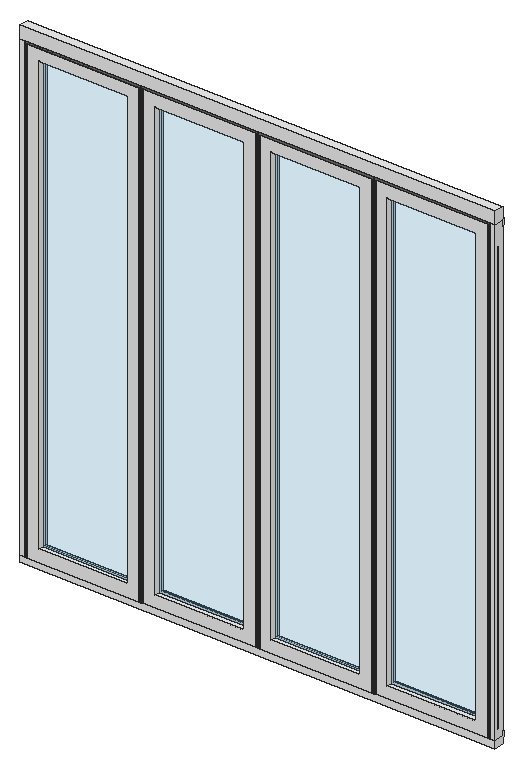
Revit family "98135", category Windows, host Wall, Revit 2018
Family settings
  Host = Wall
  OmniClass Number = 23.30.20.00
  OmniClass Title = Windows
  Always vertical = Yes
  Cut with Voids When Loaded = No
  Shared = No
  Room Calculation Point = No
Parameters (values of type "Standard")
  Y N Override Stack [instance] = no
  Y N Override Number of Panels [instance] = no
  Warranty URL = "http://www.nanawall.com/support/warranty"
  URL = "http://www.nanawall.com/"
  U Value = 0.27
  Thickness = 2 87/256"
  Subcategory = "Folding Window"  # constant formula
  Stack Thickness [instance] = 2 43/128" * Panels  # 9 11/32"
  Split Stack Right [instance] = 4
  Split Stack [instance] = no
  Single Right Stack [instance] = if(and(Y N Override Stack, Left Stack), 1 = 0, if(Right Standard = 1, 1 = 1, if(and(C Split Stack, Split Stack Right = 1), 1 = 1, 1 = 0)))  # no
  Single Panel [instance] = if(and(Closed, Width < 39 1/16"), 1 = 1, if(Width > 39", 1 = 0, 1 = 0))  # no
  Single Left Stack [instance] = if(and(not(Y N Override Stack), (Left Standard = 1)), 1 = 1, if(and(Y N Override Stack, Left Stack, (Panels = 1)), 1 = 1, (if(and(C Split Stack, Split Stack Right = Panels - 1), 1 = 1, 1 = 0))))  # no
  Sills Available = "Raised, Low Profile Saddle, Flush"  # constant formula
  Sash = Metal - NanaWall - Aluminum
  Rough Width = Width - (2 * (1 3/16"))  # 107 5/8"
  Rough Height = Height - 2 97/128"  # 107 31/128"
  Right Standard [instance] = roundup(Panels / 2)  # 2
  Right Stack Width [instance] = RS C * Thickness  # 4 87/128"
  Right Stack [instance] = no
  RS C [instance] = if(RS = 1, 2, if(RS = 0, 2, if(C Split Stack, Split Stack Right, RS)))  # 2
  RS [instance] = if(Not Override Stack, Right Standard, if(C Right Stack, Panels, if(C Left Stack, 2, if(C Split Stack, Split Stack Right, 2))))  # 2
  Product Page URL = "http://www.nanawall.com/products/sl60"
  Performance URL = "http://www.nanawall.com/products/sl60/testingresult"
  Panels [instance] = if(Y N Override Number of Panels, Override Number of Panels, Panel Constraint)  # 4
  Panel Width [instance] = Opening Width / Panels  # 26 29/32"
  Panel Height = Height Constraint - (2 97/128")  # 107 31/128"
  Panel Constraint [instance] = if(Width < 55", 2, if(Width < 82", 2, if(Width < 110", 3, if(Width < 137", 4, if(Width < 166", 5, if(Width < 192", 6, if(Width < 220", 7, if(Width < 247", 8, if(Width < 274", 10, if(Width < 396", 11, if(Width < 432", 12, if(Width < 468", 13, if(Width < 504", 14, if(Width < 540", 15, if(Width < 576", 16, if(Width < 612", 17, if(Width < 648", 18, if(Width < 684", 19, if(Width < 720", 20, 21)))))))))))))))))))  # 4
  Override Number of Panels [instance] = 4
  Opening Width = Width - (1 3/16" * 2)  # 107 5/8"
  Open Right Single [instance] = if(and(Open, Single Right Stack), 1 = 1, 1 = 0)  # no
  Open Right Multi [instance] = if(and(Open, Multiple Right Stack), 1 = 1, 1 = 0)  # no
  Open Left Single [instance] = if(and(Open, Single Left Stack), 1 = 1, 1 = 0)  # no
  Open Left Multi [instance] = if(and(Open, Multiple Left Stack), 1 = 1, 1 = 0)  # no
  Open [instance] = no
  Not Override Stack [instance] = not(Y N Override Stack)  # yes
  NanaWall Configurator = "http://www.nanawall.com/products/sl60/options"
  Multiple Right Stack [instance] = if(Width < 39 1/16", 1 = 0, if(and(Right Standard < 1.5, Not Override Stack), 1 = 0, if(and(Right Standard > 1, Not Override Stack), 1 = 1, (if(and(C Split Stack, Split Stack Right > 1), 1 = 1, if(C Right Stack, 1 = 1, 1 = 0))))))  # yes
  Multiple Panel [instance] = if(and(Open, Width > 39 1/16"), 1 = 0, if(and(Closed, Width > 39 1/16"), 1 = 1, if(Width < 39", 1 = 0, 1 = 1)))  # yes
  Multiple Left Stack [instance] = if(and(Left Standard > 1, Not Override Stack), 1 = 1, (if(and(C Split Stack, Split Stack Right < Panels - 1), 1 = 1, if(C Left Stack, 1 = 1, 1 = 0))))  # yes
  Model = "SL-60"  # constant formula
  Max Panel Height = if(Panel Height > 114", 114", Panel Height)  # 107 31/128"
  Manufacturer Toll Free Phone = "(888) 411-NANA(6262)"  # constant formula
  Manufacturer Phone = "(415) 383-3148"  # constant formula
  Manufacturer Fax = "(415) 383-0312"  # constant formula
  Manufacturer Email = "mailto:info@nanawall.com"
  Manufacturer Address = "100 Meadowcreek Drive #250, Corte Madera, CA 94925"  # constant formula
  Manufacturer = "NanaWall Systems, Inc."  # constant formula
  Left Standard [instance] = rounddown(Panels / 2)  # 2
  Left Stack Width [instance] = LS C * Thickness  # 4 87/128"
  Left Stack [instance] = no
  LS C [instance] = if(LS = 1, 2, if(LS = 0, 2, if(C Split Stack, Panels - Split Stack Right, LS)))  # 2
  LS [instance] = if(Not Override Stack, Left Standard, if(C Left Stack, Panels, if(C Right Stack, 2, if(C Split Stack, Panels - Split Stack Right, 2))))  # 2
  Installation and Service URL = "http://www.nanawall.com/support/installer"
  Height Constraint = if(Height < 39", 39", if(Height > 114", 114", Height))  # 110"
  Height = 110"
  Wall Closure = By host
  Width = 110"
  Half Panel Width [instance] = Panel Width / 2  # 13 29/64"
  Glazing Options = "http://www.nanawall.com/products/sl60/glazing"
  Glass Material = Glass - NanaWall - Generic
  Filler = Rubber - NanaWall - Black
  Exterior Wall Offset = 5"
  Engineering Details URL = "http://www.nanawall.com/products/sl60/cad-3d"
  Disclaimer = "Please note that the Revit model is for schematic purposes only.  To obtain a detailed 3D model, please go to the NanaWall's configurator at www.nanawall.com."  # constant formula
  Description = "Standard Thermally Broken Aluminum Framed Folding system"  # constant formula
  Cost Info = "http://www.nanawall.com/products/sl60/pricing"
  Closed [instance] = not(Open)  # yes
  Clearance On [instance] = no
  C Split Stack [instance] = if(and(Y N Override Stack, Split Stack), 1 = 1, if(Right Stack, 1 = 0, if(Left Stack, 1 = 0, 1 = 0)))  # no
  C Right Stack [instance] = if(and(Y N Override Stack, Right Stack), 1 = 1, if(Left Stack, 1 = 0, if(Split Stack, 1 = 0, 1 = 1)))  # yes
  C Left Stack [instance] = if(and(Y N Override Stack, Left Stack), 1 = 1, if(Right Stack, 1 = 0, if(Split Stack, 1 = 0, 1 = 0)))  # no
  Assembly Code = "B2050.1040"
  95 CSI = "8411"  # constant formula
  04 CSI = "08 41 13"  # constant formula
Reference planes (in)
  plane 1 "Center (Front/Back)": y = 0
  plane 2 "Center (Left/Right)": x = 0
  plane 3 "Left": x = -55
  plane 4 "Right": x = 55
  plane 5 "Top": z = 110
  plane 6: z = 107.24409
  plane 7 "Top Edge Of Sill": z = 1.51563
  plane 8: z = 55
  plane 9: x = -53.8125
  plane 10: x = 53.8125
  plane 11: y = 1.16866
  plane 12: y = -1.16866
  plane 13: x = 48.63527
  plane 14: y = -2
  plane 15: y = -3.16992
  plane 16: x = -53.31496
  plane 17: x = -48.63527
  plane 18: x = 53.31496
Lines and regions (in)
  Opening 1
    outline origin (-83, -3, 0) x (1, 0, 0) y (0, 0, 1)
      loop
        line (28, 0) -> (138, 0) -> (138, 110) -> (28, 110) -> (28, 0)
  symbolic lines, visible <- "Clearance On"
    curve 1: line (53.8125, -0.83008, 0) -> (53.31496, -0.83008, 0)
    curve 2: line (53.8125, -3.16992, 0) -> (53.8125, -0.83008, 0)
    curve 3: line (53.31496, -3.16992, 0) -> (53.8125, -3.16992, 0)
    curve 8: line (-53.31496, -30.07617, 0) -> (-53.31496, -3.16992, 0)
    curve 9: line (53.31496, -30.07617, 0) -> (-53.31496, -30.07617, 0)
    curve 10: line (53.31496, -3.16992, 0) -> (53.31496, -30.07617, 0)
  symbolic lines
    curve 4: line (-53.8125, -0.83008, 0) -> (-55, -0.83008, 0)
    curve 5: line (-53.8125, -3.16992, 0) -> (-53.8125, -0.83008, 0)
    curve 6: line (-55, -3.16992, 0) -> (-53.8125, -3.16992, 0)
    curve 7: line (-55, -0.83008, 0) -> (-55, -3.16992, 0)
    curve 11: line (-55, -0.83008, 0) -> (55, -0.83008, 0)
    curve 12: line (55, -3.16992, 0) -> (-55, -3.16992, 0)
    curve 13: line (55, -0.83008, 0) -> (55, -3.16992, 0)
Text (in)
  text "Exterior" at (-74.96733, 27.31104, 0), in view "Ref. Level"
  text "Interior" at (-74.96733, -33.63716, 0), in view "Ref. Level"
  text "Exterior" at (0, 40.15149, 123.01588), in view "Right"
  text "Interior" at (0, -64.39139, 123.01588), in view "Right"
  text "Interior" at (0, -31.01599, 123.00693), in view "Left"
  text "Exterior" at (0, 54.57065, 123.00693), in view "Left"
Dimensions and locks (in)
  "Height Constraint": level to plane 5 "Top"
  "Width": plane 3 "Left" to plane 4 "Right"
  equal spacing: plane 3 "Left", plane 2 "Center (Left/Right)", plane 4 "Right"
  locked: level to plane 7 "Top Edge Of Sill" at 1.51563
  locked: plane 6 to plane 5 "Top" at 2.75591
  equal spacing: level, plane 8, plane 5 "Top"
  locked: plane 3 "Left" to plane 9 at 1.1875
  locked: plane 10 to plane 4 "Right" at 1.1875
  host wall to host wall = 150"
  locked: plane 1 "Center (Front/Back)" to plane 11 at 1.16866
  locked: plane 12 to plane 11 at 2.33732
  "Right Stack Width": plane 13 to plane 18
  equal spacing: group 1, group 3, group 4, group 2  (x2)
  equal spacing: group 2, group 4, group 3, group 1
  "Exterior Wall Offset": host wall to plane 14
  locked: plane 14 to plane 15 at 1.16992
  host wall to plane 15 = 3.16992"
  locked: plane 3 "Left" to plane 16 at 1.68504
  "Left Stack Width": plane 16 to plane 17
  group 5 to group 6 = 2 87/256"
  group 5 to group 6 = 0"  (x2)
  group 7 to group 8 = 2 11/32"
  group 7 to group 8 = 0"  (x2)
  locked: plane 18 to plane 4 "Right" at 1.68504
  group 10 to group 9 = 2 11/32"
  group 9 to group 10 = 0"  (x2)
  group 12 to group 11 = 2 87/256"
  group 11 to group 12 = 0"  (x2)
  "Panel Width": plane 15 to curve 9
  plane 6 to plane 5 "Top" = 2.75591"
  aligned and locked: plane 3 "Left" to Opening 1 sketch curve
  aligned and locked: plane 5 "Top" to Opening 1 sketch curve  (x2)
  aligned and locked: Opening 1 sketch curve to plane 4 "Right"
  aligned and locked: Opening 1 sketch curve to level
  aligned and locked: plane 2 "Center (Left/Right)" to nested 1
  aligned and locked: plane 6 to nested 3
  aligned and locked: nested 3 to plane 3 "Left"
  aligned and locked: nested 4 to plane 4 "Right"
  aligned and locked: nested 4 to plane 6
  aligned and locked: nested 1 to plane 5 "Top"
  aligned and locked: nested 9 to nested 9
  aligned and locked: level to nested 2
  aligned and locked: level to nested 6
  aligned and locked: level to nested 5
  aligned and locked: plane 4 "Right" to nested 2
  aligned and locked: plane 14 to nested 5
  aligned and locked: nested 5 to plane 9
  aligned and locked: nested 6 to plane 10
  aligned and locked: nested 3 to plane 14
  aligned and locked: plane 14 to nested 4
  aligned and locked: plane 14 to nested 2
  aligned and locked: nested 1 to plane 14
  aligned and locked: plane 14 to nested 6
  aligned and locked: nested 6 to curve 1
  aligned and locked: curve 2 to nested 6
  aligned and locked: curve 4 to nested 5
  aligned and locked: curve 5 to nested 5
  aligned and locked: curve 6 to plane 15
  aligned and locked: plane 3 "Left" to curve 7
  aligned and locked: level to nested 10
  aligned and locked: level to nested 11
  aligned and locked: nested 10 to plane 15
  aligned and locked: plane 16 to nested 10
  aligned and locked: level to nested 12
  aligned and locked: plane 17 to nested 12
  aligned and locked: nested 13 to nested 13
  aligned and locked: nested 12 to plane 15
  aligned and locked: plane 15 to nested 13
  aligned and locked: plane 16 to nested 13
  aligned and locked: nested 14 to nested 14
  aligned and locked: nested 14 to plane 17
  aligned and locked: plane 15 to nested 14
  aligned and locked: nested 9 to plane 18
  aligned and locked: plane 15 to nested 9
  aligned and locked: nested 15 to nested 15
  aligned and locked: plane 15 to nested 15
  aligned and locked: nested 15 to plane 13
  aligned and locked: nested 11 to plane 15
  aligned and locked: plane 18 to nested 11
  aligned and locked: level to nested 16
  aligned and locked: nested 16 to plane 15
  aligned and locked: nested 16 to plane 13
  aligned and locked: nested 17 to plane 9
  aligned and locked: plane 15 to curve 10
  aligned and locked: plane 18 to curve 10
  aligned and locked: curve 8 to plane 16
  aligned and locked: plane 14 to nested 17
  aligned and locked: plane 15 to nested 18
  aligned and locked: plane 16 to nested 18
  aligned and locked: level to nested 19
  aligned and locked: nested 19 to plane 15
  aligned and locked: plane 16 to nested 19
  aligned and locked: plane 15 to curve 12
  aligned and locked: curve 11 to nested 5
  aligned and locked: level to nested 20
  aligned and locked: nested 20 to plane 15
  aligned and locked: plane 18 to nested 20
  aligned and locked: nested 21 to plane 18
  aligned and locked: plane 15 to nested 21
  aligned and locked: nested 17 to plane 6
Automatic sketch dimensions
  curve 11 to plane 4 "Right" = 0"
  curve 1 to plane 18 = 0"
Nested families (in)
  nested 1: "Header_SL-60" at (7.30207, -2, 0), type "Header_SL-60"
  nested 2: "Sill_SL-60" at (-7.30207, -2, -1.51562) x (-1, 0, 0) z (0, 0, 1), type "Sill_SL-60"
  nested 3: "Right-Jamb_SL-60" at (-47.69793, -2, 0.00191), type "Right-Jamb_SL-60"
  nested 4: "Left-Jamb_SL-60" at (47.69793, -2, 0.00191) x (-1, 0, 0) z (0, 0, 1), type "Left-Jamb_SL-60"
  nested 5: "Sash_SL-60_NanaWall" at (-40.34703, 6.13287, 0) x (-1, 0, 0) z (0, 0, 1), visible <- "Multiple Panel", type "Sash_SL-60_NanaWall"
  nested 6: "Sash_SL-60_NanaWall" at (40.37172, 6.13287, 0) x (-1, 0, 0) z (0, 0, 1), visible <- "Multiple Panel", type "Sash_SL-60_NanaWall"
  nested 7: "Sash_SL-60_NanaWall" at (-13.44078, 6.13287, 0) x (-1, 0, 0) z (0, 0, 1), visible <- "Multiple Panel", type "Sash_SL-60_NanaWall"
  nested 8: "Sash_SL-60_NanaWall" at (13.46547, 6.13287, 0) x (-1, 0, 0) z (0, 0, 1), visible <- "Multiple Panel", type "Sash_SL-60_NanaWall"
  nested 9: "DetailItem_Panel" at (52.10172, -14.96288, 0), visible <- "Multiple Right Stack", type "DetailItem_Panel"
  nested 10: "Sash_SL-60_NanaWall" at (-44.01216, -16.63539, 0) x (0, 1, 0) z (0, 0, 1), visible <- "Open Left Multi", type "Sash_SL-60_NanaWall"
  nested 11: "Sash_SL-60_NanaWall" at (60.27791, -16.63539, 0) x (0, 1, 0) z (0, 0, 1), visible <- "Open Right Multi", type "Sash_SL-60_NanaWall"
  nested 12: "Sash_SL-60_NanaWall" at (-41.67232, -16.63539, 0) x (0, 1, 0) z (0, 0, 1), visible <- "Open Left Multi", type "Sash_SL-60_NanaWall"
  nested 13: "DetailItem_Panel" at (-52.19227, -14.96288, 0), visible <- "Multiple Left Stack", type "DetailItem_Panel"
  nested 14: "DetailItem_Panel" at (-49.84852, -14.96288, 0), visible <- "Multiple Left Stack", type "DetailItem_Panel"
  nested 15: "DetailItem_Panel" at (49.75797, -14.96288, 0), visible <- "Multiple Right Stack", type "DetailItem_Panel"
  nested 16: "Sash_SL-60_NanaWall" at (57.93807, -16.63539, 0) x (0, 1, 0) z (0, 0, 1), visible <- "Open Right Multi", type "Sash_SL-60_NanaWall"
  nested 17: "Sash_SL-60_NanaWall" at (0.01235, 6.13287, 0.00191) x (-1, 0, 0) z (0, 0, 1), visible <- "Single Panel", type "Sash_SL-60_NanaWall full"
  nested 18: "DetailItem_Panel" at (-52.19227, -14.96288, 0), visible <- "Single Left Stack", type "DetailItem_Panel"
  nested 19: "Sash_SL-60_NanaWall" at (-44.01216, -16.63539, 0) x (0, 1, 0) z (0, 0, 1), visible <- "Open Left Single", type "Sash_SL-60_NanaWall"
  nested 20: "Sash_SL-60_NanaWall" at (60.27791, -16.63539, 0) x (0, 1, 0) z (0, 0, 1), visible <- "Open Right Single", type "Sash_SL-60_NanaWall"
  nested 21: "DetailItem_Panel" at (52.10172, -14.96288, 0), visible <- "Single Right Stack", type "DetailItem_Panel"
Definition of nested family "Header_SL-60"
  Parameters
    Width = 110"
    Height = 110"
    Header = none
    Half = yes
    Assembly Code = ""
  Reference planes (in)
    plane 1 "Center (Front/Back)": y = 0
    plane 2: z = 0
    plane 3 "Center (Left/Right)": x = -7.30207
    plane 4 "Left": x = -62.30207
    plane 5 "Right": x = 47.69793
    plane 6 "Top": z = 110
  Forms (in)
    Sweep 1, solid, material <- "Header"
      path origin (-67.09578, -180, 110) x (-1, 0, 0) y (0, -1, 0)
        loop
          line (-4.79371, -180) -> (-114.79371, -180)
      profile "Profile_Head_SL-45 : Profile_Head_SL-45" origin (-7.30207, 0, 110) x (0, 1, 0) y (0, 0, 1)
        loop
          line (1.15354, 0) -> (-1.16929, 0) -> (-1.16929, -2.75591) -> (1.15354, -2.75591) -> (1.15354, 0)
    Extrusion 2, solid, material <- "Header"
      sketch origin (-62.30207, 0, 110) x (0, -1, 0) y (0, 0, 1)
        loop
          arc (-1.15354, -2.44094) -> (-1.16507, -2.46878) -> (-1.19291, -2.48031) r 0.03937
          arc (-1.19291, -2.48031) -> (-1.35995, -2.5495) -> (-1.42913, -2.71654) r 0.23622
          line (-1.42913, -2.71654) -> (-1.42913, -3.74086)
          arc (-1.42913, -3.74086) -> (-1.37753, -3.87372) -> (-1.24978, -3.93693) r 0.19685
          line (-1.24978, -3.93693) -> (-1.15354, -3.93693) -> (-1.15354, -2.44094)
      from -110 to 0
  Dimensions and locks (in)
    equal spacing: plane 4 "Left", plane 3 "Center (Left/Right)", plane 5 "Right"
    "Width": plane 4 "Left" to plane 5 "Right"
    "Height": plane 6 "Top" to level
    aligned and locked: Extrusion 2 sketch curve to Sweep 1
    aligned and locked: plane 5 "Right" to Extrusion 2
    aligned and locked: plane 6 "Top" to nested 1
    aligned and locked: nested 1 to plane 1 "Center (Front/Back)"
  Automatic sketch dimensions
    Extrusion 2 sketch curve to Sweep 1 = 0"
    Sweep 1 to Extrusion 2 sketch curve = 0.03937"
    Sweep 1 to Extrusion 2 sketch curve = 0.07874"
    Extrusion 2 sketch curve to Extrusion 2 sketch curve = 0.09624"
    Extrusion 2 sketch curve to Sweep 1 = 0.03937"
    Extrusion 2 sketch curve to Extrusion 2 sketch curve = 0.23622"
    Sweep 1 to Extrusion 2 sketch curve = 0.98495"
    Extrusion 2 sketch curve to Extrusion 2 sketch curve = 0"  (x2)
    Sweep 1 sketch curve to plane 1 "Center (Front/Back)" = 0"
    Sweep 1 sketch curve to plane 5 "Right" = 0"
    Sweep 1 sketch curve to plane 4 "Left" = 0"
  Nested families (in)
    nested 1: "Detailitem_Head-SL60" at (-7.30207, 0, 110) x (0, -1, 0) z (1, 0, 0), type "Detailitem_Head-SL60", detail levels fine
  Definition of nested family "Detailitem_Head-SL60"
    Parameters
      SmartBIM Object Version = 1  # constant formula
      SmartBIM Object Created By = "Reed Construction Data"  # constant formula
      Half = yes
      Assembly Code = ""
      95 CSI = ""
      04 CSI = ""
    Reference planes (in)
      plane 1 "Center (Front/Back)": y = 0
      plane 2: z = 0
      plane 3 "Center (Left/Right)": x = 0
    Lines and regions (in)
      model lines, in view "Ref. Level", visible <- "Half"
        curve 1: arc (-0.38279, -2.71387, 0) -> (-0.3937, -2.87402, 0) -> (-0.38279, -3.03417, 0) r 1.1811
        curve 2: arc (-0.38279, -3.03417, 0) -> (-0.37623, -3.04633, 0) -> (-0.36329, -3.05118, 0) r 0.01969
        curve 4: arc (-0.36329, -2.69685, 0) -> (-0.37623, -2.7017, 0) -> (-0.38279, -2.71387, 0) r 0.01969
        curve 5: arc (-0.25591, -3.4252, 0) -> (-0.25014, -3.43912, 0) -> (-0.23622, -3.44488, 0) r 0.01969
        curve 6: arc (-0.23622, -3.09055, 0) -> (-0.25014, -3.09632, 0) -> (-0.25591, -3.11024, 0) r 0.01969
        curve 7: arc (-0.11811, -3.05118, 0) -> (-0.11744, -3.05628, 0) -> (-0.11547, -3.06102, 0) r 0.01969
        curve 8: arc (0.23622, -3.44488, 0) -> (0.25014, -3.43912, 0) -> (0.25591, -3.4252, 0) r 0.01969
        curve 9: arc (0.11547, -3.06102, 0) -> (0.11744, -3.05628, 0) -> (0.11811, -3.05118, 0) r 0.01969
        curve 10: arc (0.25591, -3.11024, 0) -> (0.25014, -3.09632, 0) -> (0.23622, -3.09055, 0) r 0.01969
        curve 35: arc (0.38279, -3.03417, 0) -> (0.3937, -2.87402, 0) -> (0.38279, -2.71387, 0) r 1.1811
        curve 36: arc (0.36329, -3.05118, 0) -> (0.37623, -3.04633, 0) -> (0.38279, -3.03417, 0) r 0.01969
        curve 38: arc (0.38279, -2.71387, 0) -> (0.37623, -2.7017, 0) -> (0.36329, -2.69685, 0) r 0.01969
        curve 40: line (0.36329, -2.69685, 0) -> (-0.36329, -2.69685, 0)
        curve 41: line (-0.36329, -3.05118, 0) -> (0.36329, -3.05118, 0)
        curve 49: line (0.25591, -4.11122, 0) -> (0.25591, -3.11024, 0)
        curve 50: line (-0.25591, -4.11122, 0) -> (-0.25591, -3.11024, 0)
        curve 53: line (0.15748, -2.08661, 0) -> (0.15748, -2.69685, 0)
        curve 54: line (-0.15748, -2.08661, 0) -> (-0.15748, -2.69685, 0)
        curve 55: line (-0.23622, -3.09055, 0) -> (0.23622, -3.09055, 0)
        curve 56: line (-0.23622, -3.44488, 0) -> (0.23622, -3.44488, 0)
        curve 57: line (-0.15748, -3.05118, 0) -> (-0.15748, -3.09055, 0)
        curve 58: line (-0.11547, -3.06102, 0) -> (-0.09843, -3.09055, 0)
        curve 59: line (0.11547, -3.06102, 0) -> (0.09843, -3.09055, 0)
        curve 60: line (0.15748, -3.05118, 0) -> (0.15748, -3.09055, 0)
        curve 90: line (-1.09843, -5.3935, 0) -> (-1.09843, -5.19665, 0)
        curve 91: arc (-0.86136, -5.83448, 0) -> (-0.89727, -5.8262, 0) -> (-0.93408, -5.82461, 0) r 0.20101
        curve 92: arc (-0.98554, -5.98249, 0) -> (-0.93732, -6.0154, 0) -> (-0.88229, -6.03492, 0) r 0.22677
        curve 93: arc (-0.95472, -5.80495, 0) -> (-0.94862, -5.8192, 0) -> (-0.93408, -5.82461, 0) r 0.01969
        curve 94: arc (-1.07359, -5.81844, 0) -> (-1.04891, -5.7903, 0) -> (-1.04001, -5.75394, 0) r 0.07874
        curve 95: arc (-0.95472, -5.59055, 0) -> (-0.96276, -5.56849, 0) -> (-0.98425, -5.55906, 0) r 0.02987
        curve 96: arc (-1.04001, -5.71457, 0) -> (-1.04891, -5.67821, 0) -> (-1.07359, -5.65007, 0) r 0.07874
        curve 97: arc (-1.08577, -5.61333, 0) -> (-1.09146, -5.62897, 0) -> (-1.08315, -5.64338, 0) r 0.01969
        curve 98: arc (-1.08315, -5.82513, 0) -> (-1.09146, -5.83954, 0) -> (-1.08577, -5.85517, 0) r 0.01969
        curve 99: arc (-0.99211, -5.9685, 0) -> (-0.99026, -5.97617, 0) -> (-0.98554, -5.98249, 0) r 0.01969
        curve 100: arc (-0.88229, -6.03492, 0) -> (-0.84927, -6.02705, 0) -> (-0.83465, -5.99642, 0) r 0.03937
        curve 101: arc (-0.83465, -5.87176, 0) -> (-0.84201, -5.84883, 0) -> (-0.86136, -5.83448, 0) r 0.03937
        curve 102: arc (0.12578, -5.86363, 0) -> (0.11104, -5.89194, 0) -> (0.13796, -5.90909, 0) r 0.02362
        curve 103: arc (0.12652, -6.0366, 0) -> (0.11053, -6.06277, 0) -> (0.13386, -6.08268, 0) r 0.02362
        curve 104: arc (0.40177, -5.62205, 0) -> (0.37425, -5.6482, 0) -> (0.39896, -5.67702, 0) r 0.02756
        curve 105: arc (0.12976, -5.6854, 0) -> (0.11033, -5.71072, 0) -> (0.13386, -5.73228, 0) r 0.02362
        curve 106: arc (0.58948, -5.23045, 0) -> (0.59375, -5.209, 0) -> (0.57556, -5.19685, 0) r 0.01969
        curve 107: arc (0.42126, -5.39868, 0) -> (0.37631, -5.40762, 0) -> (0.40177, -5.44572, 0) r 0.02756
        curve 108: arc (0.55588, -5.19685, 0) -> (0.54081, -5.19985, 0) -> (0.52804, -5.20838, 0) r 0.03937
        curve 109: arc (1.07087, -3.66535, 0) -> (1.07317, -3.67092, 0) -> (1.07874, -3.67323, 0) r 0.00787
        curve 110: arc (1.08859, -3.62214, 0) -> (1.07596, -3.62852, 0) -> (1.07087, -3.64173, 0) r 0.01969
        curve 111: arc (0.97084, -3.72074, 0) -> (0.98228, -3.72441, 0) -> (0.99373, -3.72074, 0) r 0.01969
        curve 112: arc (0.88583, -3.67323, 0) -> (0.89139, -3.67092, 0) -> (0.8937, -3.66535, 0) r 0.00787
        curve 113: arc (0.8937, -3.64173, 0) -> (0.88794, -3.62781, 0) -> (0.87402, -3.62205, 0) r 0.01969
        curve 114: arc (1.02056, -3.64828, 0) -> (0.98228, -3.61811, 0) -> (0.944, -3.64828, 0) r 0.03937
        curve 115: arc (0.94795, -3.75277, 0) -> (0.98228, -3.76378, 0) -> (1.01662, -3.75277, 0) r 0.05906
        curve 116: arc (1.05391, -3.18329, 0) -> (1.02357, -3.15897, 0) -> (0.98527, -3.16564, 0) r 0.04724
        curve 117: arc (1.08198, -3.169, 0) -> (1.03141, -3.12846, 0) -> (0.96757, -3.13959, 0) r 0.07874
        curve 118: arc (1.12016, -3.25362, 0) -> (1.10207, -3.21086, 0) -> (1.08198, -3.169, 0) r 0.98425
        curve 119: arc (1.09087, -3.2652, 0) -> (1.07336, -3.22381, 0) -> (1.05391, -3.18329, 0) r 0.95276
        curve 120: arc (1.12016, -3.25362, 0) -> (1.1303, -3.25979, 0) -> (1.139, -3.25171, 0) r 0.00984
        curve 121: arc (0.79229, -3.52069, 0) -> (0.81402, -3.52613, 0) -> (0.82677, -3.50771, 0) r 0.01969
        curve 122: arc (0.71959, -3.42588, 0) -> (0.72218, -3.49377, 0) -> (0.75689, -3.55217, 0) r 0.1378
        curve 123: arc (0.76579, -3.43577, 0) -> (0.76789, -3.48171, 0) -> (0.79229, -3.52069, 0) r 0.09055
        curve 124: arc (0.89164, -3.17052, 0) -> (0.84513, -3.1975, 0) -> (0.82677, -3.24803, 0) r 0.07874
        curve 125: arc (0.89719, -3.20153, 0) -> (0.86928, -3.21771, 0) -> (0.85827, -3.24803, 0) r 0.04724
        curve 126: arc (0.89164, -3.17052, 0) -> (0.93123, -3.15905, 0) -> (0.96757, -3.13959, 0) r 0.19685
        curve 127: arc (0.89719, -3.20153, 0) -> (0.94312, -3.18822, 0) -> (0.98527, -3.16564, 0) r 0.22835
        curve 128: arc (0.80504, -3.25246, 0) -> (0.8053, -3.25667, 0) -> (0.80768, -3.26014, 0) r 0.00787
        curve 129: arc (0.8203, -3.27073, 0) -> (0.8245, -3.27128, 0) -> (0.82677, -3.26772, 0) r 0.00394
        curve 130: arc (0.82677, -3.30039, 0) -> (0.82603, -3.29706, 0) -> (0.82396, -3.29436, 0) r 0.00787
        curve 131: arc (0.80533, -3.27873, 0) -> (0.80152, -3.27802, 0) -> (0.79895, -3.28092, 0) r 0.00394
        curve 132: arc (0.8336, -3.11912, 0) -> (0.81545, -3.09107, 0) -> (0.7874, -3.10923, 0) r 0.02362
        curve 133: line (-1.08577, -5.61333, 0) -> (-1.0315, -5.55906, 0)
        curve 134: line (-1.0315, -5.55906, 0) -> (-1.0315, -5.59055, 0)
        curve 135: line (-1.0315, -5.59055, 0) -> (-0.99213, -5.59055, 0)
        curve 136: line (-0.99213, -5.59055, 0) -> (-0.99213, -5.55906, 0)
        curve 137: line (-0.99213, -5.55906, 0) -> (-0.98425, -5.55906, 0)
        curve 138: line (-1.07359, -5.65007, 0) -> (-1.08315, -5.64338, 0)
        curve 139: line (-1.04001, -5.75394, 0) -> (-1.04001, -5.71457, 0)
        curve 140: line (-0.95472, -5.59055, 0) -> (-0.95472, -5.80495, 0)
        curve 141: line (-0.99213, -5.9685, 0) -> (-0.99213, -5.87008, 0)
        curve 142: line (-0.99213, -5.87008, 0) -> (-1.0315, -5.87008, 0)
        curve 143: line (-1.0315, -5.87008, 0) -> (-1.0315, -5.90945, 0)
        curve 144: line (-1.0315, -5.90945, 0) -> (-1.08577, -5.85517, 0)
        curve 145: line (-1.08315, -5.82513, 0) -> (-1.07359, -5.81844, 0)
        curve 146: line (-0.83465, -5.99642, 0) -> (-0.83465, -5.87176, 0)
        curve 147: line (0.52804, -5.20838, 0) -> (0.34272, -5.3937, 0)
        curve 148: line (0.34272, -5.3937, 0) -> (0.34272, -5.64715, 0)
        curve 149: line (0.34272, -5.64715, 0) -> (0.12976, -5.6854, 0)
        curve 150: line (0.40177, -5.62205, 0) -> (0.40177, -5.44572, 0)
        curve 151: line (0.13796, -5.90909, 0) -> (0.34252, -5.87233, 0)
        curve 152: line (0.34252, -5.87233, 0) -> (0.34252, -5.96475, 0)
        curve 153: line (0.34252, -5.96475, 0) -> (0.12652, -6.0366, 0)
        curve 154: line (0.13386, -5.73228, 0) -> (0.34252, -5.73228, 0)
        curve 155: line (0.34252, -5.73228, 0) -> (0.34252, -5.78331, 0)
        curve 156: line (0.34252, -5.78331, 0) -> (0.12578, -5.86363, 0)
        curve 157: line (0.13386, -6.08268, 0) -> (0.19291, -6.08268, 0)
        curve 158: line (0.19291, -6.08268, 0) -> (0.4659, -6.04331, 0)
        curve 159: line (0.4659, -6.04331, 0) -> (0.5, -5.98425, 0)
        curve 160: line (0.5, -5.98425, 0) -> (0.42126, -5.98425, 0)
        curve 161: line (0.42126, -5.98425, 0) -> (0.42126, -5.88583, 0)
        curve 162: line (0.42126, -5.88583, 0) -> (0.46063, -5.88583, 0)
        curve 163: line (0.46063, -5.88583, 0) -> (0.46063, -5.86614, 0)
        curve 164: line (0.46063, -5.86614, 0) -> (0.39896, -5.67702, 0)
        curve 165: line (0.42126, -5.39868, 0) -> (0.58948, -5.23045, 0)
        curve 166: line (0.57556, -5.19685, 0) -> (0.55588, -5.19685, 0)
        curve 167: line (0.87402, -3.62205, 0) -> (0.82677, -3.62205, 0)
        curve 168: line (0.82677, -3.62205, 0) -> (0.75689, -3.55217, 0)
        curve 169: line (1.139, -3.25171, 0) -> (1.14173, -3.23622, 0)
        curve 170: line (1.14173, -3.23622, 0) -> (1.16929, -3.23622, 0)
        curve 171: line (1.16929, -3.23622, 0) -> (1.16929, -3.62205, 0)
        curve 172: line (1.16929, -3.62205, 0) -> (1.09055, -3.62205, 0)
        curve 173: line (1.02056, -3.64828, 0) -> (1.0315, -3.69375, 0)
        curve 174: line (1.0315, -3.69375, 0) -> (0.99373, -3.72074, 0)
        curve 175: line (1.07874, -3.67323, 0) -> (1.10039, -3.67323, 0)
        curve 176: line (1.10039, -3.67323, 0) -> (1.10039, -3.69291, 0)
        curve 177: line (1.10039, -3.69291, 0) -> (1.01662, -3.75277, 0)
        curve 178: line (1.07087, -3.64173, 0) -> (1.07087, -3.66535, 0)
        curve 179: line (0.94795, -3.75277, 0) -> (0.86417, -3.69291, 0)
        curve 180: line (0.86417, -3.69291, 0) -> (0.86417, -3.67323, 0)
        curve 181: line (0.86417, -3.67323, 0) -> (0.88583, -3.67323, 0)
        curve 182: line (0.97084, -3.72074, 0) -> (0.93307, -3.69375, 0)
        curve 183: line (0.93307, -3.69375, 0) -> (0.944, -3.64828, 0)
        curve 184: line (0.8937, -3.64173, 0) -> (0.8937, -3.66535, 0)
        curve 185: line (1.07874, -3.54331, 0) -> (0.91732, -3.54331, 0)
        curve 186: line (0.91732, -3.54331, 0) -> (0.91732, -3.38976, 0)
        curve 187: line (0.91732, -3.38976, 0) -> (1.07874, -3.38976, 0)
        curve 188: line (1.07874, -3.38976, 0) -> (1.07874, -3.54331, 0)
        curve 189: line (1.09087, -3.2652, 0) -> (1.09087, -3.31102, 0)
        curve 190: line (1.09087, -3.31102, 0) -> (0.85827, -3.31102, 0)
        curve 191: line (0.85827, -3.31102, 0) -> (0.85827, -3.24803, 0)
        curve 192: line (0.8336, -3.11912, 0) -> (0.80504, -3.25246, 0)
        curve 193: line (0.71959, -3.42588, 0) -> (0.7874, -3.10923, 0)
        curve 194: line (0.79895, -3.28092, 0) -> (0.76579, -3.43577, 0)
        curve 195: line (0.82677, -3.50771, 0) -> (0.82677, -3.30039, 0)
        curve 196: line (0.82677, -3.26772, 0) -> (0.82677, -3.24803, 0)
        curve 197: line (0.82396, -3.29436, 0) -> (0.80533, -3.27873, 0)
        curve 198: line (0.80768, -3.26014, 0) -> (0.8203, -3.27073, 0)
        curve 199: line (-1.27953, -3.85236, 0) -> (-1.27953, -3.66339, 0)
        curve 200: line (-1.27953, -3.66339, 0) -> (-1.3189, -3.66339, 0)
        curve 201: line (-1.3189, -3.66339, 0) -> (-1.3189, -3.85236, 0)
        curve 202: line (-1.3189, -3.85236, 0) -> (-1.27953, -3.85236, 0)
        curve 203: line (-1.16142, -3.75787, 0) -> (-1.27953, -3.75787, 0)
        curve 204: line (-1.27953, -3.75787, 0) -> (-1.16142, -3.73705, 0)
        curve 205: line (-1.27953, -3.7179, 0) -> (-1.16142, -3.69707, 0)
        curve 206: line (-1.27953, -3.73789, 0) -> (-1.16142, -3.71706, 0)
        curve 207: line (-1.27953, -3.75787, 0) -> (-1.16142, -3.7787, 0)
        curve 208: line (-1.27953, -3.77786, 0) -> (-1.16142, -3.79869, 0)
        curve 209: line (-1.27953, -3.79785, 0) -> (-1.16142, -3.81868, 0)
        curve 210: arc (0.42126, -5.59449, 0) -> (0.42472, -5.60284, 0) -> (0.43307, -5.6063, 0) r 0.01181
        curve 211: arc (0.43307, -5.88583, 0) -> (0.42472, -5.88929, 0) -> (0.42126, -5.89764, 0) r 0.01181
        curve 212: arc (0.61024, -5.87795, 0) -> (0.62177, -5.90579, 0) -> (0.64961, -5.91732, 0) r 0.03937
        curve 213: arc (0.61024, -5.55118, 0) -> (0.5987, -5.52334, 0) -> (0.57087, -5.51181, 0) r 0.03937
        curve 214: arc (1.10236, -5.19685, 0) -> (1.12598, -5.20866, 0) -> (1.14961, -5.19685, 0) r 0.02953
        curve 215: arc (0.99213, -5.01575, 0) -> (0.98059, -4.98791, 0) -> (0.95276, -4.97638, 0) r 0.03937
        curve 216: arc (0.9311, -4.91339, 0) -> (0.89961, -4.94488, 0) -> (0.9311, -4.97638, 0) r 0.0315
        curve 217: arc (1.04724, -4.99213, 0) -> (1.02418, -4.93645, 0) -> (0.9685, -4.91339, 0) r 0.07874
        curve 218: arc (1.10236, -5.17379, 0) -> (1.09937, -5.15872, 0) -> (1.09083, -5.14595, 0) r 0.03937
        curve 219: arc (1.06299, -5.91732, 0) -> (1.09083, -5.90579, 0) -> (1.10236, -5.87795, 0) r 0.03937
        curve 220: arc (-0.26423, -4.13386, 0) -> (-0.27407, -4.1365, 0) -> (-0.28127, -4.1437, 0) r 0.01969
        curve 221: arc (-0.46457, -4.20768, 0) -> (-0.47013, -4.20998, 0) -> (-0.47244, -4.21555, 0) r 0.00787
        curve 222: arc (-0.47244, -4.36713, 0) -> (-0.47013, -4.37269, 0) -> (-0.46457, -4.375, 0) r 0.00787
        curve 223: arc (-0.3273, -4.33071, 0) -> (-0.30762, -4.32543, 0) -> (-0.29321, -4.31102, 0) r 0.03937
        curve 224: arc (0.29321, -4.31102, 0) -> (0.30762, -4.32543, 0) -> (0.3273, -4.33071, 0) r 0.03937
        curve 225: arc (0.46457, -4.375, 0) -> (0.47013, -4.37269, 0) -> (0.47244, -4.36713, 0) r 0.00787
        curve 226: arc (0.47244, -4.21555, 0) -> (0.47013, -4.20998, 0) -> (0.46457, -4.20768, 0) r 0.00787
        curve 227: arc (0.28127, -4.1437, 0) -> (0.27407, -4.1365, 0) -> (0.26423, -4.13386, 0) r 0.01969
        curve 228: arc (0.3398, -4.24213, 0) -> (0.34701, -4.24933, 0) -> (0.35685, -4.25197, 0) r 0.01969
        curve 229: arc (-0.35685, -4.25197, 0) -> (-0.34701, -4.24933, 0) -> (-0.3398, -4.24213, 0) r 0.01969
        curve 230: arc (-0.20967, -4.20571, 0) -> (-0.22936, -4.21098, 0) -> (-0.24377, -4.22539, 0) r 0.03937
        curve 231: arc (0.24377, -4.22539, 0) -> (0.22936, -4.21098, 0) -> (0.20967, -4.20571, 0) r 0.03937
        curve 232: arc (0.47244, -4.20079, 0) -> (0.4685, -4.19397, 0) -> (0.46063, -4.19397, 0) r 0.00787
        curve 233: arc (0.3546, -4.24374, 0) -> (0.35919, -4.24898, 0) -> (0.36614, -4.24852, 0) r 0.00787
        curve 234: arc (0.35081, -4.13386, 0) -> (0.33519, -4.14156, 0) -> (0.3318, -4.15864, 0) r 0.01969
        curve 235: arc (0.3318, -5.17207, 0) -> (0.33519, -5.18915, 0) -> (0.35081, -5.19685, 0) r 0.01969
        curve 236: arc (0.36614, -5.08219, 0) -> (0.35919, -5.08173, 0) -> (0.3546, -5.08697, 0) r 0.00787
        curve 237: arc (0.46063, -5.13674, 0) -> (0.4685, -5.13674, 0) -> (0.47244, -5.12992, 0) r 0.00787
        curve 238: arc (0.47244, -4.94882, 0) -> (0.4685, -4.942, 0) -> (0.46063, -4.942, 0) r 0.00787
        curve 239: arc (0.35433, -4.98973, 0) -> (0.35827, -4.99655, 0) -> (0.36614, -4.99655, 0) r 0.00787
        curve 240: arc (0.37402, -4.90109, 0) -> (0.35961, -4.9155, 0) -> (0.35433, -4.93518, 0) r 0.03937
        curve 241: arc (0.35433, -4.39553, 0) -> (0.35961, -4.41521, 0) -> (0.37402, -4.42962, 0) r 0.03937
        curve 242: arc (0.36614, -4.33416, 0) -> (0.35827, -4.33416, 0) -> (0.35433, -4.34098, 0) r 0.00787
        curve 243: arc (0.46063, -4.38871, 0) -> (0.4685, -4.38871, 0) -> (0.47244, -4.38189, 0) r 0.00787
        curve 244: arc (-0.37402, -4.42962, 0) -> (-0.35961, -4.41521, 0) -> (-0.35433, -4.39553, 0) r 0.03937
        curve 245: arc (-0.35433, -4.34098, 0) -> (-0.35827, -4.33416, 0) -> (-0.36614, -4.33416, 0) r 0.00787
        curve 246: arc (-0.47244, -4.38189, 0) -> (-0.4685, -4.38871, 0) -> (-0.46063, -4.38871, 0) r 0.00787
        curve 247: arc (-0.46063, -4.19397, 0) -> (-0.4685, -4.19397, 0) -> (-0.47244, -4.20079, 0) r 0.00787
        curve 248: arc (-0.36614, -4.24852, 0) -> (-0.35919, -4.24898, 0) -> (-0.3546, -4.24374, 0) r 0.00787
        curve 249: arc (-0.3318, -4.15864, 0) -> (-0.33519, -4.14156, 0) -> (-0.35081, -4.13386, 0) r 0.01969
        curve 250: arc (-0.35081, -5.19685, 0) -> (-0.33519, -5.18915, 0) -> (-0.3318, -5.17207, 0) r 0.01969
        curve 251: arc (-0.3546, -5.08697, 0) -> (-0.35919, -5.08173, 0) -> (-0.36614, -5.08219, 0) r 0.00787
        curve 252: arc (-0.47244, -5.12992, 0) -> (-0.4685, -5.13674, 0) -> (-0.46063, -5.13674, 0) r 0.00787
        curve 253: arc (-0.46063, -4.942, 0) -> (-0.4685, -4.942, 0) -> (-0.47244, -4.94882, 0) r 0.00787
        curve 254: arc (-0.36614, -4.99655, 0) -> (-0.35827, -4.99655, 0) -> (-0.35433, -4.98973, 0) r 0.00787
        curve 255: arc (-0.35433, -4.93518, 0) -> (-0.35961, -4.9155, 0) -> (-0.37402, -4.90109, 0) r 0.03937
        curve 256: arc (0.35685, -5.07874, 0) -> (0.34701, -5.08138, 0) -> (0.3398, -5.08858, 0) r 0.01969
        curve 257: arc (-0.3398, -5.08858, 0) -> (-0.34701, -5.08138, 0) -> (-0.35685, -5.07874, 0) r 0.01969
        curve 258: arc (-0.24377, -5.10531, 0) -> (-0.22936, -5.11973, 0) -> (-0.20967, -5.125, 0) r 0.03937
        curve 259: arc (0.20967, -5.125, 0) -> (0.22936, -5.11973, 0) -> (0.24377, -5.10531, 0) r 0.03937
        curve 260: arc (-0.47244, -5.11516, 0) -> (-0.47013, -5.12073, 0) -> (-0.46457, -5.12303, 0) r 0.00787
        curve 261: arc (-0.46457, -4.95571, 0) -> (-0.47013, -4.95801, 0) -> (-0.47244, -4.96358, 0) r 0.00787
        curve 262: arc (-0.29321, -5.01969, 0) -> (-0.30762, -5.00527, 0) -> (-0.3273, -5, 0) r 0.03937
        curve 263: arc (0.3273, -5, 0) -> (0.30762, -5.00527, 0) -> (0.29321, -5.01969, 0) r 0.03937
        curve 264: arc (0.47244, -4.96358, 0) -> (0.47013, -4.95801, 0) -> (0.46457, -4.95571, 0) r 0.00787
        curve 265: arc (0.46457, -5.12303, 0) -> (0.47013, -5.12073, 0) -> (0.47244, -5.11516, 0) r 0.00787
        curve 266: arc (-0.28127, -5.18701, 0) -> (-0.27407, -5.19421, 0) -> (-0.26423, -5.19685, 0) r 0.01969
        curve 267: arc (0.26423, -5.19685, 0) -> (0.27407, -5.19421, 0) -> (0.28127, -5.18701, 0) r 0.01969
        curve 268: arc (0.89305, -5.15429, 0) -> (0.86845, -5.18519, 0) -> (0.83071, -5.19685, 0) r 0.06693
        curve 269: arc (0.35081, -5.19685, 0) -> (0.33519, -5.18915, 0) -> (0.3318, -5.17207, 0) r 0.01969
        curve 270: arc (0.3546, -5.08697, 0) -> (0.35919, -5.08173, 0) -> (0.36614, -5.08219, 0) r 0.00787
        curve 271: arc (0.46063, -5.13674, 0) -> (0.4685, -5.13674, 0) -> (0.47244, -5.12992, 0) r 0.00787
        curve 272: arc (0.47244, -4.94882, 0) -> (0.4685, -4.942, 0) -> (0.46063, -4.942, 0) r 0.00787
        curve 273: arc (0.36614, -4.99655, 0) -> (0.35827, -4.99655, 0) -> (0.35433, -4.98973, 0) r 0.00787
        curve 274: arc (0.35433, -4.93518, 0) -> (0.35961, -4.9155, 0) -> (0.37402, -4.90109, 0) r 0.03937
        curve 275: arc (0.37402, -4.42962, 0) -> (0.35961, -4.41521, 0) -> (0.35433, -4.39553, 0) r 0.03937
        curve 276: arc (0.35433, -4.34098, 0) -> (0.35827, -4.33416, 0) -> (0.36614, -4.33416, 0) r 0.00787
        curve 277: arc (0.46063, -4.38871, 0) -> (0.4685, -4.38871, 0) -> (0.47244, -4.38189, 0) r 0.00787
        curve 278: arc (0.47244, -4.20079, 0) -> (0.4685, -4.19397, 0) -> (0.46063, -4.19397, 0) r 0.00787
        curve 279: arc (0.36614, -4.24852, 0) -> (0.35919, -4.24898, 0) -> (0.3546, -4.24374, 0) r 0.00787
        curve 280: arc (0.3318, -4.15864, 0) -> (0.33519, -4.14156, 0) -> (0.35081, -4.13386, 0) r 0.01969
        curve 281: arc (0.65928, -4.13386, 0) -> (0.74152, -4.09979, 0) -> (0.77559, -4.01755, 0) r 0.11631
        curve 282: arc (0.7961, -3.6534, 0) -> (0.8098, -3.63087, 0) -> (0.83465, -3.62205, 0) r 0.03937
        curve 283: arc (0.87402, -3.62205, 0) -> (0.88794, -3.62781, 0) -> (0.8937, -3.64173, 0) r 0.01969
        curve 284: arc (0.87992, -3.73228, 0) -> (0.87416, -3.7462, 0) -> (0.86024, -3.75197, 0) r 0.01969
        curve 285: arc (1.10433, -3.75197, 0) -> (1.09041, -3.7462, 0) -> (1.08465, -3.73228, 0) r 0.01969
        curve 286: arc (1.07087, -3.64173, 0) -> (1.07663, -3.62781, 0) -> (1.09055, -3.62205, 0) r 0.01969
        curve 287: arc (1.12205, -5.19685, 0) -> (1.10813, -5.19108, 0) -> (1.10236, -5.17717, 0) r 0.01969
        curve 288: arc (1.10236, -5.0748, 0) -> (1.07456, -4.97394, 0) -> (0.99901, -4.90157, 0) r 0.19685
        curve 289: arc (0.93701, -4.90157, 0) -> (0.90917, -4.91311, 0) -> (0.89764, -4.94094, 0) r 0.03937
        curve 290: arc (0.92913, -4.98819, 0) -> (0.94539, -4.99677, 0) -> (0.94747, -5.01504, 0) r 0.01969
        curve 291: arc (0.83071, -4.94094, 0) -> (0.86184, -4.86578, 0) -> (0.93701, -4.83465, 0) r 0.1063
        curve 292: arc (0.84252, -4.04331, 0) -> (0.78068, -4.1572, 0) -> (0.65928, -4.20259, 0) r 0.18504
        curve 293: arc (-0.99213, -5.88189, 0) -> (-0.99559, -5.87354, 0) -> (-1.00394, -5.87008, 0) r 0.01181
        curve 294: arc (-1.00394, -5.59055, 0) -> (-0.99559, -5.58709, 0) -> (-0.99213, -5.57874, 0) r 0.01181
        curve 295: arc (-0.99213, -5.53543, 0) -> (-1.00366, -5.50759, 0) -> (-1.0315, -5.49606, 0) r 0.03937
        curve 296: arc (-0.87208, -5.18787, 0) -> (-0.85592, -5.19457, 0) -> (-0.83858, -5.19685, 0) r 0.06693
        curve 297: arc (-0.35081, -5.19685, 0) -> (-0.33519, -5.18915, 0) -> (-0.3318, -5.17207, 0) r 0.01969
        curve 298: arc (-0.3546, -5.08697, 0) -> (-0.35919, -5.08173, 0) -> (-0.36614, -5.08219, 0) r 0.00787
        curve 299: arc (-0.46063, -5.13674, 0) -> (-0.4685, -5.13674, 0) -> (-0.47244, -5.12992, 0) r 0.00787
        curve 300: arc (-0.47244, -4.94882, 0) -> (-0.4685, -4.942, 0) -> (-0.46063, -4.942, 0) r 0.00787
        curve 301: arc (-0.36614, -4.99655, 0) -> (-0.35827, -4.99655, 0) -> (-0.35433, -4.98973, 0) r 0.00787
        curve 302: arc (-0.35433, -4.93518, 0) -> (-0.35961, -4.9155, 0) -> (-0.37402, -4.90109, 0) r 0.03937
        curve 303: arc (-0.37402, -4.42962, 0) -> (-0.35961, -4.41521, 0) -> (-0.35433, -4.39553, 0) r 0.03937
        curve 304: arc (-0.35433, -4.34098, 0) -> (-0.35827, -4.33416, 0) -> (-0.36614, -4.33416, 0) r 0.00787
        curve 305: arc (-0.46063, -4.38871, 0) -> (-0.4685, -4.38871, 0) -> (-0.47244, -4.38189, 0) r 0.00787
        curve 306: arc (-0.47244, -4.20079, 0) -> (-0.4685, -4.19397, 0) -> (-0.46063, -4.19397, 0) r 0.00787
        curve 307: arc (-0.36614, -4.24852, 0) -> (-0.35919, -4.24898, 0) -> (-0.3546, -4.24374, 0) r 0.00787
        curve 308: arc (-0.3318, -4.15864, 0) -> (-0.33519, -4.14156, 0) -> (-0.35081, -4.13386, 0) r 0.01969
        curve 309: arc (-0.65748, -4.13386, 0) -> (-0.741, -4.09926, 0) -> (-0.77559, -4.01575, 0) r 0.11811
        curve 310: arc (-0.7961, -3.6534, 0) -> (-0.8098, -3.63087, 0) -> (-0.83465, -3.62205, 0) r 0.03937
        curve 311: arc (-0.87402, -3.62205, 0) -> (-0.88794, -3.62781, 0) -> (-0.8937, -3.64173, 0) r 0.01969
        curve 312: arc (-0.87992, -3.73228, 0) -> (-0.87416, -3.7462, 0) -> (-0.86024, -3.75197, 0) r 0.01969
        curve 313: arc (-1.10433, -3.75197, 0) -> (-1.09041, -3.7462, 0) -> (-1.08465, -3.73228, 0) r 0.01969
        curve 314: arc (-1.07087, -3.64173, 0) -> (-1.07663, -3.62781, 0) -> (-1.09055, -3.62205, 0) r 0.01969
        curve 315: arc (-0.84046, -4.04331, 0) -> (-0.77819, -4.156, 0) -> (-0.65748, -4.20079, 0) r 0.18504
        curve 372: arc (0.6811, -3.30709, 0) -> (0.67275, -3.30363, 0) -> (0.66929, -3.29528, 0) r 0.01181
        curve 373: arc (0.45276, -3.27756, 0) -> (0.42323, -3.30709, 0) -> (0.3937, -3.27756, 0) r 0.02953
        curve 386: arc (-0.6811, -3.30709, 0) -> (-0.67275, -3.30363, 0) -> (-0.66929, -3.29528, 0) r 0.01181
        curve 387: arc (-0.45276, -3.27756, 0) -> (-0.42323, -3.30709, 0) -> (-0.3937, -3.27756, 0) r 0.02953
        curve 411: line (0.42126, -5.98425, 0) -> (1.16929, -5.98425, 0)
        curve 412: line (1.16929, -5.98425, 0) -> (0.42126, -5.98425, 0)
        curve 413: line (0.42126, -5.98425, 0) -> (0.42126, -5.89764, 0)
        curve 414: line (0.64961, -5.91732, 0) -> (1.06299, -5.91732, 0)
        curve 415: line (0.42126, -5.59449, 0) -> (0.42126, -5.51181, 0)
        curve 416: line (0.42126, -5.51181, 0) -> (0.57087, -5.51181, 0)
        curve 417: line (0.43307, -5.6063, 0) -> (0.46063, -5.6063, 0)
        curve 418: line (0.46063, -5.6063, 0) -> (0.46063, -5.56693, 0)
        curve 419: line (0.46063, -5.56693, 0) -> (0.55118, -5.56693, 0)
        curve 420: line (0.55118, -5.56693, 0) -> (0.55118, -5.9252, 0)
        curve 421: line (0.55118, -5.9252, 0) -> (0.46063, -5.9252, 0)
        curve 422: line (0.46063, -5.9252, 0) -> (0.46063, -5.88583, 0)
        curve 423: line (0.46063, -5.88583, 0) -> (0.43307, -5.88583, 0)
        curve 424: line (0.61024, -5.55118, 0) -> (0.61024, -5.87795, 0)
        curve 425: line (1.14961, -5.19685, 0) -> (1.16929, -5.19685, 0)
        curve 426: line (1.16929, -5.19685, 0) -> (1.16929, -5.98425, 0)
        curve 427: line (1.04724, -4.99213, 0) -> (1.04724, -5.10236, 0)
        curve 428: line (1.04724, -5.10236, 0) -> (1.09083, -5.14595, 0)
        curve 429: line (1.10236, -5.87795, 0) -> (1.10236, -5.27559, 0)
        curve 430: line (1.10236, -5.27559, 0) -> (1.04724, -5.22047, 0)
        curve 431: line (1.04724, -5.22047, 0) -> (1.04724, -5.18031, 0)
        curve 432: line (1.04724, -5.18031, 0) -> (0.99213, -5.12519, 0)
        curve 433: line (0.99213, -5.12519, 0) -> (0.99213, -5.01575, 0)
        curve 434: line (0.9311, -4.91339, 0) -> (0.9685, -4.91339, 0)
        curve 435: line (0.95276, -4.97638, 0) -> (0.9311, -4.97638, 0)
        curve 436: line (1.10236, -5.17379, 0) -> (1.10236, -5.19685, 0)
        curve 437: line (0.26423, -4.13386, 0) -> (-0.26423, -4.13386, 0)
        curve 438: line (-0.20967, -4.20571, 0) -> (0.20967, -4.20571, 0)
        curve 439: line (0.46457, -4.20768, 0) -> (0.44331, -4.20768, 0)
        curve 440: line (0.44331, -4.20768, 0) -> (0.36659, -4.25197, 0)
        curve 441: line (0.36659, -4.25197, 0) -> (0.35685, -4.25197, 0)
        curve 442: line (-0.35685, -4.25197, 0) -> (-0.36659, -4.25197, 0)
        curve 443: line (-0.36659, -4.25197, 0) -> (-0.44331, -4.20768, 0)
        curve 444: line (-0.44331, -4.20768, 0) -> (-0.46457, -4.20768, 0)
        curve 445: line (-0.46457, -4.375, 0) -> (-0.44331, -4.375, 0)
        curve 446: line (-0.44331, -4.375, 0) -> (-0.36659, -4.33071, 0)
        curve 447: line (-0.36659, -4.33071, 0) -> (-0.3273, -4.33071, 0)
        curve 448: line (-0.28127, -4.1437, 0) -> (-0.3398, -4.24213, 0)
        curve 449: line (-0.47244, -4.21555, 0) -> (-0.47244, -4.36713, 0)
        curve 450: line (-0.29321, -4.31102, 0) -> (-0.24377, -4.22539, 0)
        curve 451: line (0.3273, -4.33071, 0) -> (0.36659, -4.33071, 0)
        curve 452: line (0.36659, -4.33071, 0) -> (0.44331, -4.375, 0)
        curve 453: line (0.44331, -4.375, 0) -> (0.46457, -4.375, 0)
        curve 454: line (0.47244, -4.36713, 0) -> (0.47244, -4.21555, 0)
        curve 455: line (0.24377, -4.22539, 0) -> (0.29321, -4.31102, 0)
        curve 456: line (0.3398, -4.24213, 0) -> (0.28127, -4.1437, 0)
        curve 457: line (0.36614, -4.24852, 0) -> (0.46063, -4.19397, 0)
        curve 458: line (0.46063, -4.19397, 0) -> (0.36614, -4.24852, 0)
        curve 459: line (0.46063, -5.13674, 0) -> (0.36614, -5.08219, 0)
        curve 460: line (0.36614, -5.08219, 0) -> (0.46063, -5.13674, 0)
        curve 461: line (0.37402, -4.42962, 0) -> (0.47244, -4.48645, 0)
        curve 462: line (0.47244, -4.48645, 0) -> (0.47244, -4.84426, 0)
        curve 463: line (0.47244, -4.84426, 0) -> (0.37402, -4.90109, 0)
        curve 464: line (0.37402, -4.90109, 0) -> (0.47244, -4.84426, 0)
        curve 465: line (0.47244, -4.84426, 0) -> (0.47244, -4.48645, 0)
        curve 466: line (0.47244, -4.48645, 0) -> (0.37402, -4.42962, 0)
        curve 467: line (0.35433, -4.93518, 0) -> (0.35433, -4.98973, 0)
        curve 468: line (0.35433, -4.98973, 0) -> (0.35433, -4.93518, 0)
        curve 469: line (0.35433, -4.34098, 0) -> (0.35433, -4.39553, 0)
        curve 470: line (0.35433, -4.39553, 0) -> (0.35433, -4.34098, 0)
        curve 471: line (0.36614, -4.99655, 0) -> (0.46063, -4.942, 0)
        curve 472: line (0.46063, -4.942, 0) -> (0.36614, -4.99655, 0)
        curve 473: line (0.3546, -5.08697, 0) -> (0.3318, -5.17207, 0)
        curve 474: line (0.3318, -5.17207, 0) -> (0.3546, -5.08697, 0)
        curve 475: line (0.47244, -4.94882, 0) -> (0.47244, -5.12992, 0)
        curve 476: line (0.47244, -5.12992, 0) -> (0.47244, -4.94882, 0)
        curve 477: line (0.47244, -4.20079, 0) -> (0.47244, -4.38189, 0)
        curve 478: line (0.47244, -4.38189, 0) -> (0.47244, -4.20079, 0)
        curve 479: line (0.3318, -4.15864, 0) -> (0.3546, -4.24374, 0)
        curve 480: line (0.3546, -4.24374, 0) -> (0.3318, -4.15864, 0)
        curve 481: line (0.46063, -4.38871, 0) -> (0.36614, -4.33416, 0)
        curve 482: line (0.36614, -4.33416, 0) -> (0.46063, -4.38871, 0)
        curve 483: line (-0.65748, -4.13386, 0) -> (-0.35081, -4.13386, 0)
        curve 484: line (-0.35081, -4.13386, 0) -> (-0.65748, -4.13386, 0)
        curve 485: line (-0.46063, -4.38871, 0) -> (-0.36614, -4.33416, 0)
        curve 486: line (-0.36614, -4.33416, 0) -> (-0.46063, -4.38871, 0)
        curve 487: line (-0.47244, -4.94882, 0) -> (-0.47244, -5.12992, 0)
        curve 488: line (-0.47244, -5.12992, 0) -> (-0.47244, -4.94882, 0)
        curve 489: line (-0.37402, -4.42962, 0) -> (-0.47244, -4.48645, 0)
        curve 490: line (-0.47244, -4.48645, 0) -> (-0.47244, -4.84426, 0)
        curve 491: line (-0.47244, -4.84426, 0) -> (-0.37402, -4.90109, 0)
        curve 492: line (-0.37402, -4.90109, 0) -> (-0.47244, -4.84426, 0)
        curve 493: line (-0.47244, -4.84426, 0) -> (-0.47244, -4.48645, 0)
        curve 494: line (-0.47244, -4.48645, 0) -> (-0.37402, -4.42962, 0)
        curve 495: line (-0.47244, -4.20079, 0) -> (-0.47244, -4.38189, 0)
        curve 496: line (-0.47244, -4.38189, 0) -> (-0.47244, -4.20079, 0)
        curve 497: line (-0.3318, -4.15864, 0) -> (-0.3546, -4.24374, 0)
        curve 498: line (-0.3546, -4.24374, 0) -> (-0.3318, -4.15864, 0)
        curve 499: line (-0.35433, -4.93518, 0) -> (-0.35433, -4.98973, 0)
        curve 500: line (-0.35433, -4.98973, 0) -> (-0.35433, -4.93518, 0)
        curve 501: line (-0.35433, -4.34098, 0) -> (-0.35433, -4.39553, 0)
        curve 502: line (-0.35433, -4.39553, 0) -> (-0.35433, -4.34098, 0)
        curve 503: line (-0.3546, -5.08697, 0) -> (-0.3318, -5.17207, 0)
        curve 504: line (-0.3318, -5.17207, 0) -> (-0.3546, -5.08697, 0)
        curve 505: line (-0.36614, -4.99655, 0) -> (-0.46063, -4.942, 0)
        curve 506: line (-0.46063, -4.942, 0) -> (-0.36614, -4.99655, 0)
        curve 507: line (-0.46063, -5.13674, 0) -> (-0.36614, -5.08219, 0)
        curve 508: line (-0.36614, -5.08219, 0) -> (-0.46063, -5.13674, 0)
        curve 509: line (-0.36614, -4.24852, 0) -> (-0.46063, -4.19397, 0)
        curve 510: line (-0.46063, -4.19397, 0) -> (-0.36614, -4.24852, 0)
        curve 511: line (-0.47244, -5.11516, 0) -> (-0.47244, -4.96358, 0)
        curve 512: line (-0.28127, -5.18701, 0) -> (-0.3398, -5.08858, 0)
        curve 513: line (-0.29321, -5.01969, 0) -> (-0.24377, -5.10531, 0)
        curve 514: line (-0.46457, -4.95571, 0) -> (-0.44331, -4.95571, 0)
        curve 515: line (-0.44331, -4.95571, 0) -> (-0.36659, -5, 0)
        curve 516: line (-0.36659, -5, 0) -> (-0.3273, -5, 0)
        curve 517: line (0.46457, -5.12303, 0) -> (0.44331, -5.12303, 0)
        curve 518: line (0.44331, -5.12303, 0) -> (0.36659, -5.07874, 0)
        curve 519: line (0.36659, -5.07874, 0) -> (0.35685, -5.07874, 0)
        curve 520: line (-0.35685, -5.07874, 0) -> (-0.36659, -5.07874, 0)
        curve 521: line (-0.36659, -5.07874, 0) -> (-0.44331, -5.12303, 0)
        curve 522: line (-0.44331, -5.12303, 0) -> (-0.46457, -5.12303, 0)
        curve 523: line (0.3273, -5, 0) -> (0.36659, -5, 0)
        curve 524: line (0.36659, -5, 0) -> (0.44331, -4.95571, 0)
        curve 525: line (0.44331, -4.95571, 0) -> (0.46457, -4.95571, 0)
        curve 526: line (-0.20967, -5.125, 0) -> (0.20967, -5.125, 0)
        curve 527: line (0.26423, -5.19685, 0) -> (-0.26423, -5.19685, 0)
        curve 528: line (0.24377, -5.10531, 0) -> (0.29321, -5.01969, 0)
        curve 529: line (0.3398, -5.08858, 0) -> (0.28127, -5.18701, 0)
        curve 530: line (0.47244, -4.96358, 0) -> (0.47244, -5.11516, 0)
        curve 531: line (0.94747, -5.01504, 0) -> (0.89305, -5.15429, 0)
        curve 532: line (0.83071, -5.19685, 0) -> (0.35081, -5.19685, 0)
        curve 533: line (0.35081, -4.13386, 0) -> (0.65928, -4.13386, 0)
        curve 534: line (0.77559, -4.01755, 0) -> (0.77559, -3.75197, 0)
        curve 535: line (0.77559, -3.75197, 0) -> (0.7961, -3.6534, 0)
        curve 536: line (0.83465, -3.62205, 0) -> (0.87402, -3.62205, 0)
        curve 537: line (0.8937, -3.64173, 0) -> (0.8937, -3.66142, 0)
        curve 538: line (0.8937, -3.66142, 0) -> (0.83465, -3.66142, 0)
        curve 539: line (0.83465, -3.66142, 0) -> (0.83465, -3.7126, 0)
        curve 540: line (0.83465, -3.7126, 0) -> (0.87992, -3.7126, 0)
        curve 541: line (0.87992, -3.7126, 0) -> (0.87992, -3.73228, 0)
        curve 542: line (0.86024, -3.75197, 0) -> (0.83465, -3.75197, 0)
        curve 543: line (0.83465, -3.75197, 0) -> (0.83465, -3.8189, 0)
        curve 544: line (0.83465, -3.8189, 0) -> (1.11024, -3.8189, 0)
        curve 545: line (1.11024, -3.8189, 0) -> (1.11024, -3.75197, 0)
        curve 546: line (1.08465, -3.73228, 0) -> (1.08465, -3.7126, 0)
        curve 547: line (1.08465, -3.7126, 0) -> (1.12992, -3.7126, 0)
        curve 548: line (1.12992, -3.7126, 0) -> (1.12992, -3.66142, 0)
        curve 549: line (1.12992, -3.66142, 0) -> (1.07087, -3.66142, 0)
        curve 550: line (1.07087, -3.66142, 0) -> (1.07087, -3.64173, 0)
        curve 551: line (1.09055, -3.62205, 0) -> (1.16929, -3.62205, 0)
        curve 552: line (1.16929, -3.62205, 0) -> (1.16929, -5.19685, 0)
        curve 553: line (1.16929, -5.19685, 0) -> (1.12205, -5.19685, 0)
        curve 554: line (1.10236, -5.17717, 0) -> (1.10236, -5.0748, 0)
        curve 555: line (0.99901, -4.90157, 0) -> (0.93701, -4.90157, 0)
        curve 556: line (0.89764, -4.94094, 0) -> (0.89764, -4.98819, 0)
        curve 557: line (0.89764, -4.98819, 0) -> (0.92913, -4.98819, 0)
        curve 558: line (0.93701, -4.83465, 0) -> (1.09843, -4.83465, 0)
        curve 559: line (1.09843, -4.83465, 0) -> (1.09843, -3.88583, 0)
        curve 560: line (1.09843, -3.88583, 0) -> (0.84252, -3.88583, 0)
        curve 561: line (0.84252, -3.88583, 0) -> (0.84252, -3.96457, 0)
        curve 562: line (0.84252, -3.96457, 0) -> (0.8622, -3.96457, 0)
        curve 563: line (0.8622, -3.96457, 0) -> (0.8622, -4.04331, 0)
        curve 564: line (0.8622, -4.04331, 0) -> (0.84252, -4.04331, 0)
        curve 565: line (0.65928, -4.20259, 0) -> (0.55118, -4.20259, 0)
        curve 566: line (0.55118, -4.20259, 0) -> (0.55118, -5.12992, 0)
        curve 567: line (0.55118, -5.12992, 0) -> (0.83071, -5.12992, 0)
        curve 568: line (0.83071, -5.12992, 0) -> (0.83071, -4.94094, 0)
        curve 569: line (-1.00394, -5.87008, 0) -> (-1.0315, -5.87008, 0)
        curve 570: line (-1.0315, -5.87008, 0) -> (-1.0315, -5.90945, 0)
        curve 571: line (-1.0315, -5.90945, 0) -> (-1.11024, -5.90945, 0)
        curve 572: line (-1.11024, -5.90945, 0) -> (-1.11024, -5.55118, 0)
        curve 573: line (-1.11024, -5.55118, 0) -> (-1.0315, -5.55118, 0)
        curve 574: line (-1.0315, -5.55118, 0) -> (-1.0315, -5.59055, 0)
        curve 575: line (-1.0315, -5.59055, 0) -> (-1.00394, -5.59055, 0)
        curve 576: line (-0.99213, -5.57874, 0) -> (-0.99213, -5.53543, 0)
        curve 577: line (-1.0315, -5.49606, 0) -> (-1.09843, -5.49606, 0)
        curve 578: line (-1.09843, -5.49606, 0) -> (-1.09843, -5.11811, 0)
        curve 579: line (-1.09843, -5.11811, 0) -> (-0.99276, -5.11811, 0)
